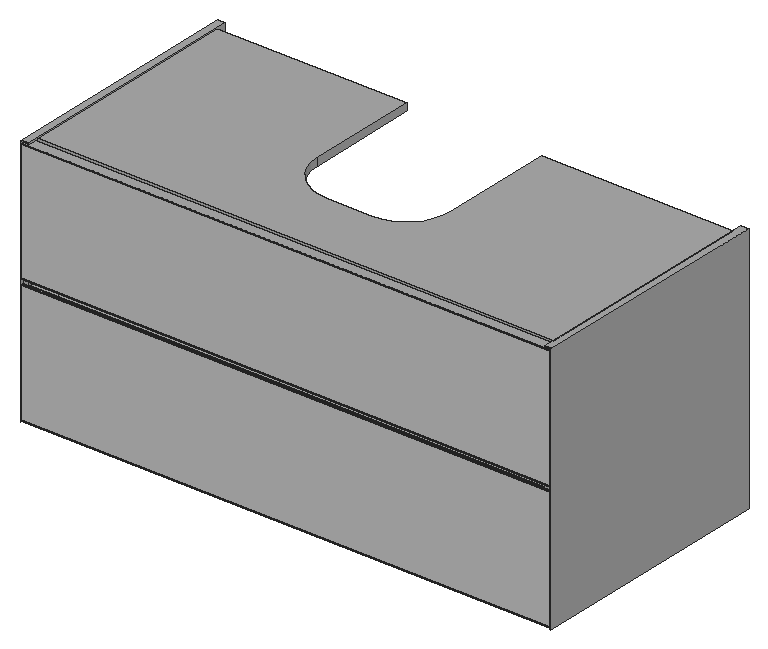
Revit family "vanity unit-hansgrohe-54195XXX-Xevolos E Vanity unit Slate Matt Grey 1180_550 with 2 drawers for consoles with countertop basin ground", category Furniture, Revit 2019
Family settings
  OmniClass Number = 23.40.00.00
  OmniClass Title = Equipment and Furnishings
  Work Plane-Based = No
  Always vertical = Yes
  Cut with Voids When Loaded = No
  Shared = Yes
  Room Calculation Point = No
Parameters (values of type "54195770-SLATE_MATT_GREY-METALLIC_SLATE_GREY-400")
  etim7_EC011381 = "EC011381"
  WEIGHT = "58.6"
  UNSPSC = "56 | Furniture and Furnishings"
  UNIFORMATII = "E2010 | Fixed Furnishings"
  UNICLASS_2015_CODE = "40_30_78_05"
  UNICLASS2015 = "Pr_40_30_78_05 | Bathroom furniture"
  SURFACE = "METALLIC_SLATE_GREY"
  REGION = "Worldwide"
  PRODUCTURL = "https://pro.hansgrohe.com/articledetail--54195770"
  PERMALINK = "54195XXX"
  OMNICLASS = "23-21 19 15 33 13 | Residential Bathroom Specialty Casework"
  OBJECTTYPE = "Object (single object)"
  OBERFLAECHE = "SLATE_MATT_GREY"
  NN = "Vanity unit with 2 drawers for consoles with countertop basin ground"
  NBSYN = "$ARTNR.-$OBERFLAECHE.-$SURFACE.-$LODLEVEL."
  NB = "54195770-SLATE_MATT_GREY-METALLIC_SLATE_GREY-400"
  NAME = "Xevolos E Vanity unit Slate Matt Grey 1180/550 with 2 drawers for consoles with countertop basin ground"
  Model = "54195770-SLATE_MATT_GREY-METALLIC_SLATE_GREY-400"
  Manufacturer = "Hansgrohe"
  MIdent = "{$CADENAS_DATA/23d-libs/hansgrohe/xevolos_furniture/e_vanity_unit_2_drawers_console_countertop_basin/vanity_unit_2drawers_consoles_countertop_basin.prj},307 {VTYP=3D},{NB=54195770-SLATE_MATT_GREY-METALLIC_SLATE_GREY-400},{LINA=54195770-SLATE_MATT_GREY-METALLIC_SLATE_GREY-400},{NN=Vanity unit with 2 drawers for consoles with countertop basin ground},{DATE=13.03.2023 11:45:48},{GEOMDATE=12.03.2023 06:32:00},{VERSION=},{LINEID=760},{WBVAR=LODLEVEL},{WBNUMERIC=}  {NB=54195770-SLATE_MATT_GREY-METALLIC_SLATE_GREY-400},{LINA=54195770-SLATE_MATT_GREY-METALLIC_SLATE_GREY-400},{KT=DUMMY},{IDNR=27},{ARTNR=54195770},{BASENUMBER=54195},{MODEL=54195XXX},{OBERFLAECHE=SLATE_MATT_GREY},{SURFACE=METALLIC_SLATE_GREY},{L=1180},{LODLEVEL=400},{LODLEVELX='400','400','200','200'},{NAME=Xevolos E Vanity unit Slate Matt Grey 1180/550 with 2 drawers for consoles with countertop basin ground},{PERMALINK=54195XXX},{OBJECTTYPE=Object (single object)},{BIMOBJECT=Sanitary: Compound units},{COLLECTIONSET=Xevolos E},{COLLECTION=vanity unit},{WEIGHT=58.6},{DESCRIPTION=Xevolos E Vanity unit Slate Matt Grey 1180/550 with 2 drawers for consoles with countertop basin ground},{PRODUCTURL=https://pro.hansgrohe.com/articledetail--54195770},{GTINCODE=0},{TENDERURL=0},{IFC=Furnishing element},{ETIM=EC011381 | Bathroom furniture set},{UNICLASS2015=Pr_40_30_78_05 | Bathroom furniture},{OMNICLASS=23-21 19 15 33 13 | Residential Bathroom Specialty Casework},{MASTERFORMAT=12 35 30.23 | Bathroom Casework},{UNSPSC=56 | Furniture and Furnishings},{UNIFORMATII=E2010 | Fixed Furnishings},{REGION=Worldwide},{DESIGN=Germany},{MANUFACTURER=Germany}"
  MASTERFORMAT = "12 35 30.23 | Bathroom Casework"
  LODLEVEL = "400"
  LINA = "54195770-SLATE_MATT_GREY-METALLIC_SLATE_GREY-400"
  L = 1180
  IFC = "Furnishing element"
  IDNR = 27
  ETIM = "EC011381 | Bathroom furniture set"
  DESIGN = "Germany"
  COLLECTIONSET = "Xevolos E"
  COLLECTION = "vanity unit"
  CATALOG = "Hansgrohe"
  BIMOBJECT = "Sanitary: Compound units"
  BASENUMBER = "54195"
  ARTNR = "54195770"
  54195770-SLATE_MATT_GREY-METALLIC_SLATE_GREY-400_RX0RY0RZ0TX0TY0TZ0_V = yes
  54195770-SLATE_MATT_GREY-METALLIC_SLATE_GREY-200_RX0RY0RZ0TX0TY0TZ0_V = no
  54195730-SLATE_MATT_GREY-DARK_OAK-400_RX0RY0RZ0TX0TY0TZ0_V = no
  54195730-SLATE_MATT_GREY-DARK_OAK-200_RX0RY0RZ0TX0TY0TZ0_V = no
  54195390-SLATE_MATT_GREY-PATTEREND_BRONZE-400_RX0RY0RZ0TX0TY0TZ0_V = no
  54195390-SLATE_MATT_GREY-PATTEREND_BRONZE-200_RX0RY0RZ0TX0TY0TZ0_V = no
Types (6, lengths in mm): name | SURFACE | NB | Model | MIdent | LODLEVEL | LINA | IDNR | ARTNR | 54195770-SLATE_MATT_GREY-METALLIC_SLATE_GREY-400_RX0RY0RZ0TX0TY0TZ0_V | 54195770-SLATE_MATT_GREY-METALLIC_SLATE_GREY-200_RX0RY0RZ0TX0TY0TZ0_V | 54195730-SLATE_MATT_GREY-DARK_OAK-400_RX0RY0RZ0TX0TY0TZ0_V | 54195730-SLATE_MATT_GREY-DARK_OAK-200_RX0RY0RZ0TX0TY0TZ0_V | 54195390-SLATE_MATT_GREY-PATTEREND_BRONZE-400_RX0RY0RZ0TX0TY0TZ0_V | 54195390-SLATE_MATT_GREY-PATTEREND_BRONZE-200_RX0RY0RZ0TX0TY0TZ0_V
  54195390-SLATE_MATT_GREY-PATTEREND_BRONZE-200 | "PATTEREND_BRONZE" | "54195390-SLATE_MATT_GREY-PATTEREND_BRONZE-200" | "54195390-SLATE_MATT_GREY-PATTEREND_BRONZE-200" | "{$CADENAS_DATA/23d-libs/hansgrohe/xevolos_furniture/e_vanity_unit_2_drawers_console_countertop_basin/vanity_unit_2drawers_consoles_countertop_basin.prj},301 {VTYP=3D},{NB=54195390-SLATE_MATT_GREY-PATTEREND_BRONZE-200},{LINA=54195390-SLATE_MATT_GREY-PATTEREND_BRONZE-200},{NN=Vanity unit with 2 drawers for consoles with countertop basin ground},{DATE=13.03.2023 11:45:48},{GEOMDATE=12.03.2023 06:32:00},{VERSION=},{LINEID=740},{WBVAR=LODLEVEL},{WBNUMERIC=}  {NB=54195390-SLATE_MATT_GREY-PATTEREND_BRONZE-200},{LINA=54195390-SLATE_MATT_GREY-PATTEREND_BRONZE-200},{KT=DUMMY},{IDNR=25},{ARTNR=54195390},{BASENUMBER=54195},{MODEL=54195XXX},{OBERFLAECHE=SLATE_MATT_GREY},{SURFACE=PATTEREND_BRONZE},{L=1180},{LODLEVEL=200},{LODLEVELX='400','400','200','200'},{NAME=Xevolos E Vanity unit Slate Matt Grey 1180/550 with 2 drawers for consoles with countertop basin ground},{PERMALINK=54195XXX},{OBJECTTYPE=Object (single object)},{BIMOBJECT=Sanitary: Compound units},{COLLECTIONSET=Xevolos E},{COLLECTION=vanity unit},{WEIGHT=58.6},{DESCRIPTION=Xevolos E Vanity unit Slate Matt Grey 1180/550 with 2 drawers for consoles with countertop basin ground},{PRODUCTURL=https://pro.hansgrohe.com/articledetail--54195770},{GTINCODE=0},{TENDERURL=0},{IFC=Furnishing element},{ETIM=EC011381 | Bathroom furniture set},{UNICLASS2015=Pr_40_30_78_05 | Bathroom furniture},{OMNICLASS=23-21 19 15 33 13 | Residential Bathroom Specialty Casework},{MASTERFORMAT=12 35 30.23 | Bathroom Casework},{UNSPSC=56 | Furniture and Furnishings},{UNIFORMATII=E2010 | Fixed Furnishings},{REGION=Worldwide},{DESIGN=Germany},{MANUFACTURER=Germany}" | "200" | "54195390-SLATE_MATT_GREY-PATTEREND_BRONZE-200" | 25 | "54195390" | no | no | no | no | no | yes
  54195390-SLATE_MATT_GREY-PATTEREND_BRONZE-400 | "PATTEREND_BRONZE" | "54195390-SLATE_MATT_GREY-PATTEREND_BRONZE-400" | "54195390-SLATE_MATT_GREY-PATTEREND_BRONZE-400" | "{$CADENAS_DATA/23d-libs/hansgrohe/xevolos_furniture/e_vanity_unit_2_drawers_console_countertop_basin/vanity_unit_2drawers_consoles_countertop_basin.prj},301 {VTYP=3D},{NB=54195390-SLATE_MATT_GREY-PATTEREND_BRONZE-400},{LINA=54195390-SLATE_MATT_GREY-PATTEREND_BRONZE-400},{NN=Vanity unit with 2 drawers for consoles with countertop basin ground},{DATE=13.03.2023 11:45:48},{GEOMDATE=12.03.2023 06:32:00},{VERSION=},{LINEID=740},{WBVAR=LODLEVEL},{WBNUMERIC=}  {NB=54195390-SLATE_MATT_GREY-PATTEREND_BRONZE-400},{LINA=54195390-SLATE_MATT_GREY-PATTEREND_BRONZE-400},{KT=DUMMY},{IDNR=25},{ARTNR=54195390},{BASENUMBER=54195},{MODEL=54195XXX},{OBERFLAECHE=SLATE_MATT_GREY},{SURFACE=PATTEREND_BRONZE},{L=1180},{LODLEVEL=400},{LODLEVELX='400','400','200','200'},{NAME=Xevolos E Vanity unit Slate Matt Grey 1180/550 with 2 drawers for consoles with countertop basin ground},{PERMALINK=54195XXX},{OBJECTTYPE=Object (single object)},{BIMOBJECT=Sanitary: Compound units},{COLLECTIONSET=Xevolos E},{COLLECTION=vanity unit},{WEIGHT=58.6},{DESCRIPTION=Xevolos E Vanity unit Slate Matt Grey 1180/550 with 2 drawers for consoles with countertop basin ground},{PRODUCTURL=https://pro.hansgrohe.com/articledetail--54195770},{GTINCODE=0},{TENDERURL=0},{IFC=Furnishing element},{ETIM=EC011381 | Bathroom furniture set},{UNICLASS2015=Pr_40_30_78_05 | Bathroom furniture},{OMNICLASS=23-21 19 15 33 13 | Residential Bathroom Specialty Casework},{MASTERFORMAT=12 35 30.23 | Bathroom Casework},{UNSPSC=56 | Furniture and Furnishings},{UNIFORMATII=E2010 | Fixed Furnishings},{REGION=Worldwide},{DESIGN=Germany},{MANUFACTURER=Germany}" | "400" | "54195390-SLATE_MATT_GREY-PATTEREND_BRONZE-400" | 25 | "54195390" | no | no | no | no | yes | no
  54195730-SLATE_MATT_GREY-DARK_OAK-200 | "DARK_OAK" | "54195730-SLATE_MATT_GREY-DARK_OAK-200" | "54195730-SLATE_MATT_GREY-DARK_OAK-200" | "{$CADENAS_DATA/23d-libs/hansgrohe/xevolos_furniture/e_vanity_unit_2_drawers_console_countertop_basin/vanity_unit_2drawers_consoles_countertop_basin.prj},285 {VTYP=3D},{NB=54195730-SLATE_MATT_GREY-DARK_OAK-200},{LINA=54195730-SLATE_MATT_GREY-DARK_OAK-200},{NN=Vanity unit with 2 drawers for consoles with countertop basin ground},{DATE=13.03.2023 11:45:48},{GEOMDATE=12.03.2023 06:32:00},{VERSION=},{LINEID=750},{WBVAR=LODLEVEL},{WBNUMERIC=}  {NB=54195730-SLATE_MATT_GREY-DARK_OAK-200},{LINA=54195730-SLATE_MATT_GREY-DARK_OAK-200},{KT=DUMMY},{IDNR=26},{ARTNR=54195730},{BASENUMBER=54195},{MODEL=54195XXX},{OBERFLAECHE=SLATE_MATT_GREY},{SURFACE=DARK_OAK},{L=1180},{LODLEVEL=200},{LODLEVELX='400','400','200','200'},{NAME=Xevolos E Vanity unit Slate Matt Grey 1180/550 with 2 drawers for consoles with countertop basin ground},{PERMALINK=54195XXX},{OBJECTTYPE=Object (single object)},{BIMOBJECT=Sanitary: Compound units},{COLLECTIONSET=Xevolos E},{COLLECTION=vanity unit},{WEIGHT=58.6},{DESCRIPTION=Xevolos E Vanity unit Slate Matt Grey 1180/550 with 2 drawers for consoles with countertop basin ground},{PRODUCTURL=https://pro.hansgrohe.com/articledetail--54195770},{GTINCODE=0},{TENDERURL=0},{IFC=Furnishing element},{ETIM=EC011381 | Bathroom furniture set},{UNICLASS2015=Pr_40_30_78_05 | Bathroom furniture},{OMNICLASS=23-21 19 15 33 13 | Residential Bathroom Specialty Casework},{MASTERFORMAT=12 35 30.23 | Bathroom Casework},{UNSPSC=56 | Furniture and Furnishings},{UNIFORMATII=E2010 | Fixed Furnishings},{REGION=Worldwide},{DESIGN=Germany},{MANUFACTURER=Germany}" | "200" | "54195730-SLATE_MATT_GREY-DARK_OAK-200" | 26 | "54195730" | no | no | no | yes | no | no
  54195730-SLATE_MATT_GREY-DARK_OAK-400 | "DARK_OAK" | "54195730-SLATE_MATT_GREY-DARK_OAK-400" | "54195730-SLATE_MATT_GREY-DARK_OAK-400" | "{$CADENAS_DATA/23d-libs/hansgrohe/xevolos_furniture/e_vanity_unit_2_drawers_console_countertop_basin/vanity_unit_2drawers_consoles_countertop_basin.prj},285 {VTYP=3D},{NB=54195730-SLATE_MATT_GREY-DARK_OAK-400},{LINA=54195730-SLATE_MATT_GREY-DARK_OAK-400},{NN=Vanity unit with 2 drawers for consoles with countertop basin ground},{DATE=13.03.2023 11:45:48},{GEOMDATE=12.03.2023 06:32:00},{VERSION=},{LINEID=750},{WBVAR=LODLEVEL},{WBNUMERIC=}  {NB=54195730-SLATE_MATT_GREY-DARK_OAK-400},{LINA=54195730-SLATE_MATT_GREY-DARK_OAK-400},{KT=DUMMY},{IDNR=26},{ARTNR=54195730},{BASENUMBER=54195},{MODEL=54195XXX},{OBERFLAECHE=SLATE_MATT_GREY},{SURFACE=DARK_OAK},{L=1180},{LODLEVEL=400},{LODLEVELX='400','400','200','200'},{NAME=Xevolos E Vanity unit Slate Matt Grey 1180/550 with 2 drawers for consoles with countertop basin ground},{PERMALINK=54195XXX},{OBJECTTYPE=Object (single object)},{BIMOBJECT=Sanitary: Compound units},{COLLECTIONSET=Xevolos E},{COLLECTION=vanity unit},{WEIGHT=58.6},{DESCRIPTION=Xevolos E Vanity unit Slate Matt Grey 1180/550 with 2 drawers for consoles with countertop basin ground},{PRODUCTURL=https://pro.hansgrohe.com/articledetail--54195770},{GTINCODE=0},{TENDERURL=0},{IFC=Furnishing element},{ETIM=EC011381 | Bathroom furniture set},{UNICLASS2015=Pr_40_30_78_05 | Bathroom furniture},{OMNICLASS=23-21 19 15 33 13 | Residential Bathroom Specialty Casework},{MASTERFORMAT=12 35 30.23 | Bathroom Casework},{UNSPSC=56 | Furniture and Furnishings},{UNIFORMATII=E2010 | Fixed Furnishings},{REGION=Worldwide},{DESIGN=Germany},{MANUFACTURER=Germany}" | "400" | "54195730-SLATE_MATT_GREY-DARK_OAK-400" | 26 | "54195730" | no | no | yes | no | no | no
  54195770-SLATE_MATT_GREY-METALLIC_SLATE_GREY-200 | "METALLIC_SLATE_GREY" | "54195770-SLATE_MATT_GREY-METALLIC_SLATE_GREY-200" | "54195770-SLATE_MATT_GREY-METALLIC_SLATE_GREY-200" | "{$CADENAS_DATA/23d-libs/hansgrohe/xevolos_furniture/e_vanity_unit_2_drawers_console_countertop_basin/vanity_unit_2drawers_consoles_countertop_basin.prj},307 {VTYP=3D},{NB=54195770-SLATE_MATT_GREY-METALLIC_SLATE_GREY-200},{LINA=54195770-SLATE_MATT_GREY-METALLIC_SLATE_GREY-200},{NN=Vanity unit with 2 drawers for consoles with countertop basin ground},{DATE=13.03.2023 11:45:48},{GEOMDATE=12.03.2023 06:32:00},{VERSION=},{LINEID=760},{WBVAR=LODLEVEL},{WBNUMERIC=}  {NB=54195770-SLATE_MATT_GREY-METALLIC_SLATE_GREY-200},{LINA=54195770-SLATE_MATT_GREY-METALLIC_SLATE_GREY-200},{KT=DUMMY},{IDNR=27},{ARTNR=54195770},{BASENUMBER=54195},{MODEL=54195XXX},{OBERFLAECHE=SLATE_MATT_GREY},{SURFACE=METALLIC_SLATE_GREY},{L=1180},{LODLEVEL=200},{LODLEVELX='400','400','200','200'},{NAME=Xevolos E Vanity unit Slate Matt Grey 1180/550 with 2 drawers for consoles with countertop basin ground},{PERMALINK=54195XXX},{OBJECTTYPE=Object (single object)},{BIMOBJECT=Sanitary: Compound units},{COLLECTIONSET=Xevolos E},{COLLECTION=vanity unit},{WEIGHT=58.6},{DESCRIPTION=Xevolos E Vanity unit Slate Matt Grey 1180/550 with 2 drawers for consoles with countertop basin ground},{PRODUCTURL=https://pro.hansgrohe.com/articledetail--54195770},{GTINCODE=0},{TENDERURL=0},{IFC=Furnishing element},{ETIM=EC011381 | Bathroom furniture set},{UNICLASS2015=Pr_40_30_78_05 | Bathroom furniture},{OMNICLASS=23-21 19 15 33 13 | Residential Bathroom Specialty Casework},{MASTERFORMAT=12 35 30.23 | Bathroom Casework},{UNSPSC=56 | Furniture and Furnishings},{UNIFORMATII=E2010 | Fixed Furnishings},{REGION=Worldwide},{DESIGN=Germany},{MANUFACTURER=Germany}" | "200" | "54195770-SLATE_MATT_GREY-METALLIC_SLATE_GREY-200" | 27 | "54195770" | no | yes | no | no | no | no
  54195770-SLATE_MATT_GREY-METALLIC_SLATE_GREY-400 | "METALLIC_SLATE_GREY" | "54195770-SLATE_MATT_GREY-METALLIC_SLATE_GREY-400" | "54195770-SLATE_MATT_GREY-METALLIC_SLATE_GREY-400" | "{$CADENAS_DATA/23d-libs/hansgrohe/xevolos_furniture/e_vanity_unit_2_drawers_console_countertop_basin/vanity_unit_2drawers_consoles_countertop_basin.prj},307 {VTYP=3D},{NB=54195770-SLATE_MATT_GREY-METALLIC_SLATE_GREY-400},{LINA=54195770-SLATE_MATT_GREY-METALLIC_SLATE_GREY-400},{NN=Vanity unit with 2 drawers for consoles with countertop basin ground},{DATE=13.03.2023 11:45:48},{GEOMDATE=12.03.2023 06:32:00},{VERSION=},{LINEID=760},{WBVAR=LODLEVEL},{WBNUMERIC=}  {NB=54195770-SLATE_MATT_GREY-METALLIC_SLATE_GREY-400},{LINA=54195770-SLATE_MATT_GREY-METALLIC_SLATE_GREY-400},{KT=DUMMY},{IDNR=27},{ARTNR=54195770},{BASENUMBER=54195},{MODEL=54195XXX},{OBERFLAECHE=SLATE_MATT_GREY},{SURFACE=METALLIC_SLATE_GREY},{L=1180},{LODLEVEL=400},{LODLEVELX='400','400','200','200'},{NAME=Xevolos E Vanity unit Slate Matt Grey 1180/550 with 2 drawers for consoles with countertop basin ground},{PERMALINK=54195XXX},{OBJECTTYPE=Object (single object)},{BIMOBJECT=Sanitary: Compound units},{COLLECTIONSET=Xevolos E},{COLLECTION=vanity unit},{WEIGHT=58.6},{DESCRIPTION=Xevolos E Vanity unit Slate Matt Grey 1180/550 with 2 drawers for consoles with countertop basin ground},{PRODUCTURL=https://pro.hansgrohe.com/articledetail--54195770},{GTINCODE=0},{TENDERURL=0},{IFC=Furnishing element},{ETIM=EC011381 | Bathroom furniture set},{UNICLASS2015=Pr_40_30_78_05 | Bathroom furniture},{OMNICLASS=23-21 19 15 33 13 | Residential Bathroom Specialty Casework},{MASTERFORMAT=12 35 30.23 | Bathroom Casework},{UNSPSC=56 | Furniture and Furnishings},{UNIFORMATII=E2010 | Fixed Furnishings},{REGION=Worldwide},{DESIGN=Germany},{MANUFACTURER=Germany}" | "400" | "54195770-SLATE_MATT_GREY-METALLIC_SLATE_GREY-400" | 27 | "54195770" | yes | no | no | no | no | no
Reference planes
  plane 1 "Center (Front/Back)": y = 0
  plane 2: z = 0
  plane 3 "Center (Left/Right)": x = 0
Dimensions and locks
  aligned and locked: level to plane 2
Nested families
  nested 1: "54195390-slate_matt_grey-patterend_bronze-200_content" at (0, 0, 0), visible <- "54195390-SLATE_MATT_GREY-PATTEREND_BRONZE-200_RX0RY0RZ0TX0TY0TZ0_V", ContentVisible <- "54195390-SLATE_MATT_GREY-PATTEREND_BRONZE-200_RX0RY0RZ0TX0TY0TZ0_V", type "54195390-SLATE_MATT_GREY-PATTEREND_BRONZE-200_Content"
    with ContentVisible no
  nested 2: "54195390-slate_matt_grey-patterend_bronze-400_content" at (0, 0, 0), visible <- "54195390-SLATE_MATT_GREY-PATTEREND_BRONZE-400_RX0RY0RZ0TX0TY0TZ0_V", ContentVisible <- "54195390-SLATE_MATT_GREY-PATTEREND_BRONZE-400_RX0RY0RZ0TX0TY0TZ0_V", type "54195390-SLATE_MATT_GREY-PATTEREND_BRONZE-400_Content"
    with ContentVisible no
  nested 3: "54195730-slate_matt_grey-dark_oak-200_content" at (0, 0, 0), visible <- "54195730-SLATE_MATT_GREY-DARK_OAK-200_RX0RY0RZ0TX0TY0TZ0_V", ContentVisible <- "54195730-SLATE_MATT_GREY-DARK_OAK-200_RX0RY0RZ0TX0TY0TZ0_V", type "54195730-SLATE_MATT_GREY-DARK_OAK-200_Content"
    with ContentVisible no
  nested 4: "54195730-slate_matt_grey-dark_oak-400_content" at (0, 0, 0), visible <- "54195730-SLATE_MATT_GREY-DARK_OAK-400_RX0RY0RZ0TX0TY0TZ0_V", ContentVisible <- "54195730-SLATE_MATT_GREY-DARK_OAK-400_RX0RY0RZ0TX0TY0TZ0_V", type "54195730-SLATE_MATT_GREY-DARK_OAK-400_Content"
    with ContentVisible no
  nested 5: "54195770-slate_matt_grey-metallic_slate_grey-200_content" at (0, 0, 0), visible <- "54195770-SLATE_MATT_GREY-METALLIC_SLATE_GREY-200_RX0RY0RZ0TX0TY0TZ0_V", ContentVisible <- "54195770-SLATE_MATT_GREY-METALLIC_SLATE_GREY-200_RX0RY0RZ0TX0TY0TZ0_V", type "54195770-SLATE_MATT_GREY-METALLIC_SLATE_GREY-200_Content"
    with ContentVisible no
  nested 6: "54195770-slate_matt_grey-metallic_slate_grey-400_content" at (0, 0, 0), visible <- "54195770-SLATE_MATT_GREY-METALLIC_SLATE_GREY-400_RX0RY0RZ0TX0TY0TZ0_V", ContentVisible <- "54195770-SLATE_MATT_GREY-METALLIC_SLATE_GREY-400_RX0RY0RZ0TX0TY0TZ0_V", type "54195770-SLATE_MATT_GREY-METALLIC_SLATE_GREY-400_Content"
    with ContentVisible yes
Definition of nested family "54195770-slate_matt_grey-metallic_slate_grey-400_content"
  Parameters (values of type "54195770-SLATE_MATT_GREY-METALLIC_SLATE_GREY-400_Content")
    etim7_EC011381 = "EC011381"
    WEIGHT = "58.6"
    UNSPSC = "56 | Furniture and Furnishings"
    UNIFORMATII = "E2010 | Fixed Furnishings"
    UNICLASS_2015_CODE = "40_30_78_05"
    UNICLASS2015 = "Pr_40_30_78_05 | Bathroom furniture"
    SURFACE = "METALLIC_SLATE_GREY"
    REGION = "Worldwide"
    PRODUCTURL = "https://pro.hansgrohe.com/articledetail--54195770"
    PERMALINK = "54195XXX"
    OMNICLASS = "23-21 19 15 33 13 | Residential Bathroom Specialty Casework"
    OBJECTTYPE = "Object (single object)"
    OBERFLAECHE = "SLATE_MATT_GREY"
    NN = "Vanity unit with 2 drawers for consoles with countertop basin ground"
    NBSYN = "$ARTNR.-$OBERFLAECHE.-$SURFACE.-$LODLEVEL."
    NB = "54195770-SLATE_MATT_GREY-METALLIC_SLATE_GREY-400"
    NAME = "Xevolos E Vanity unit Slate Matt Grey 1180/550 with 2 drawers for consoles with countertop basin ground"
    Model = "54195770-SLATE_MATT_GREY-METALLIC_SLATE_GREY-400"
    Manufacturer = "Hansgrohe"
    MASTERFORMAT = "12 35 30.23 | Bathroom Casework"
    LODLEVEL = "400"
    LINA = "54195770-SLATE_MATT_GREY-METALLIC_SLATE_GREY-400"
    L = 1180
    IFC = "Furnishing element"
    IDNR = 27
    ETIM = "EC011381 | Bathroom furniture set"
    Default Elevation = 1219.2 mm
    DESIGN = "Germany"
    ContentVisible [instance] = yes
    COLLECTIONSET = "Xevolos E"
    COLLECTION = "vanity unit"
    CATALOG = "Hansgrohe"
    BIMOBJECT = "Sanitary: Compound units"
    BASENUMBER = "54195"
    ARTNR = "54195770"
  Reference planes
    plane 1 "Center (Front/Back)": y = 0
    plane 2: z = 0
    plane 3 "Center (Left/Right)": x = 0
  Forms (mm)
    Extrusion 1, solid, visible <- "ContentVisible", detail levels medium+fine
      sketch origin (0, 0, 0) x (1, 0, 0) y (0, 1, 0)
        loop
          line (-590, 0) -> (-590, -548.3) -> (-588, -548.3) -> (-588, -544.3) -> (-574, -544.3) -> (-574, 0) -> (-590, 0)
      from 0 to 558
    Extrusion 2, solid, visible <- "ContentVisible", detail levels medium+fine
      sketch origin (0, 0, 0) x (1, 0, 0) y (0, 1, 0)
        loop
          line (-574, -131.5) -> (-574, -498) -> (574, -498) -> (574, -131.5) -> (-574, -131.5)
      from 0 to 16
    Extrusion 3, solid, visible <- "ContentVisible", detail levels medium+fine
      sketch origin (0, 0, 0) x (1, 0, 0) y (0, 1, 0)
        loop
          line (574, 0) -> (574, -544.3) -> (588, -544.3) -> (588, -548.3) -> (590, -548.3) -> (590, 0) -> (574, 0)
      from 0 to 558
    Extrusion 4, solid, visible <- "ContentVisible", detail levels medium+fine
      sketch origin (0, 0, 0.5) x (1, 0, 0) y (0, 1, 0)
        loop
          line (-574, -115.5) -> (-574, -131.5) -> (574, -131.5) -> (574, -115.5) -> (-574, -115.5)
      from 0 to 126
    Extrusion 5, solid, visible <- "ContentVisible", detail levels medium+fine
      sketch origin (0, 0, 2) x (1, 0, 0) y (0, 1, 0)
        loop
          line (-588, -527) -> (-588, -548.3) -> (588, -548.3) -> (588, -527) -> (-588, -527)
      from 0 to 2
    Extrusion 6, solid, visible <- "ContentVisible", detail levels medium+fine
      sketch origin (0, 0, 556) x (1, 0, 0) y (0, 1, 0)
        loop
          line (-588, -527) -> (-588, -548.3) -> (588, -548.3) -> (588, -527) -> (-588, -527)
      from -2 to 0
    Extrusion 7, solid, visible <- "ContentVisible", detail levels medium+fine
      sketch origin (0, -544.3, 0) x (1, 0, 0) y (0, 0, -1)
        loop
          line (-588, -272.5) -> (588, -272.5) -> (588, -4) -> (-588, -4) -> (-588, -272.5)
      from -4 to 0
    Extrusion 8, solid, visible <- "ContentVisible", detail levels medium+fine
      sketch origin (0, -544.3, 0) x (1, 0, 0) y (0, 0, -1)
        loop
          line (-588, -554) -> (588, -554) -> (588, -285.5) -> (-588, -285.5) -> (-588, -554)
      from -4 to 0
    Extrusion 9, solid, visible <- "ContentVisible", detail levels medium+fine
      sketch origin (0, 0, 272.5) x (1, 0, 0) y (0, 1, 0)
        loop
          line (-588, -527) -> (-588, -548.3) -> (588, -548.3) -> (588, -527) -> (-588, -527)
      from 0 to 2
    Extrusion 10, solid, visible <- "ContentVisible", detail levels medium+fine
      sketch origin (0, 0, 285.5) x (1, 0, 0) y (0, 1, 0)
        loop
          line (-588, -527) -> (-588, -548.3) -> (588, -548.3) -> (588, -527) -> (-588, -527)
      from -2 to 0
    Extrusion 11, solid, visible <- "ContentVisible", detail levels medium+fine
      sketch origin (0, -544.3, 0) x (1, 0, 0) y (0, 0, -1)
        loop
          line (-588, -274.5) -> (588, -274.5) -> (588, -4.5) -> (-588, -4.5) -> (-588, -274.5)
        loop
          line (-514, -78) -> (-514, -272.5) -> (514, -272.5) -> (514, -78) -> (-514, -78)
      from 0 to 17
    Extrusion 12, solid, visible <- "ContentVisible", detail levels medium+fine
      sketch origin (0, -544.3, 0) x (1, 0, 0) y (0, 0, -1)
        loop
          line (-588, -553.5) -> (-512, -553.5) -> (-512, -361.5) -> (512, -361.5) -> (512, -553.5) -> (588, -553.5) -> (588, -285.5) -> (-588, -285.5) -> (-588, -553.5)
      from 0 to 17
    Extrusion 13, solid, visible <- "ContentVisible", detail levels medium+fine
      sketch origin (0, 0, 0) x (0, 0, -1) y (0, 1, 0)
        loop
          line (-285, -395.5) -> (-285, -520) -> (-269, -520) -> (-269, -395.5) -> (-285, -395.5)
      from -574 to 574
    Extrusion 14, solid, visible <- "ContentVisible", detail levels medium+fine
      sketch origin (0, 0, 557.5) x (1, 0, 0) y (0, 1, 0)
        loop
          line (-574, -521.5) -> (574, -521.5) -> (574, -23) -> (150, -23) -> (150, -273)
          arc (150, -273) -> (120.711, -343.711) -> (50, -373) r 100
          line (50, -373) -> (-50, -373)
          arc (-50, -373) -> (-120.711, -343.711) -> (-150, -273) r 100
          line (-150, -273) -> (-150, -23) -> (-574, -23) -> (-574, -521.5)
      from -16 to 0
    Extrusion 15, solid, visible <- "ContentVisible", detail levels coarse
      sketch origin (0, -274.15, 0) x (1, 0, 0) y (0, 1, 0)
        loop
          line (-590, -274.15) -> (590, -274.15) -> (590, 274.15) -> (-590, 274.15) -> (-590, -274.15)
      from 0 to 558
  Dimensions and locks
    aligned and locked: level to plane 2
Definition of nested family "54195390-slate_matt_grey-patterend_bronze-200_content"
  Parameters (values of type "54195390-SLATE_MATT_GREY-PATTEREND_BRONZE-200_Content")
    etim7_EC011381 = "EC011381"
    WEIGHT = "58.6"
    UNSPSC = "56 | Furniture and Furnishings"
    UNIFORMATII = "E2010 | Fixed Furnishings"
    UNICLASS_2015_CODE = "40_30_78_05"
    UNICLASS2015 = "Pr_40_30_78_05 | Bathroom furniture"
    SURFACE = "PATTEREND_BRONZE"
    REGION = "Worldwide"
    PRODUCTURL = "https://pro.hansgrohe.com/articledetail--54195770"
    PERMALINK = "54195XXX"
    OMNICLASS = "23-21 19 15 33 13 | Residential Bathroom Specialty Casework"
    OBJECTTYPE = "Object (single object)"
    OBERFLAECHE = "SLATE_MATT_GREY"
    NN = "Vanity unit with 2 drawers for consoles with countertop basin ground"
    NBSYN = "$ARTNR.-$OBERFLAECHE.-$SURFACE.-$LODLEVEL."
    NB = "54195390-SLATE_MATT_GREY-PATTEREND_BRONZE-200"
    NAME = "Xevolos E Vanity unit Slate Matt Grey 1180/550 with 2 drawers for consoles with countertop basin ground"
    Model = "54195390-SLATE_MATT_GREY-PATTEREND_BRONZE-200"
    Manufacturer = "Hansgrohe"
    MASTERFORMAT = "12 35 30.23 | Bathroom Casework"
    LODLEVEL = "200"
    LINA = "54195390-SLATE_MATT_GREY-PATTEREND_BRONZE-200"
    L = 1180
    IFC = "Furnishing element"
    IDNR = 25
    ETIM = "EC011381 | Bathroom furniture set"
    Default Elevation = 1219.2 mm
    DESIGN = "Germany"
    ContentVisible [instance] = yes
    COLLECTIONSET = "Xevolos E"
    COLLECTION = "vanity unit"
    CATALOG = "Hansgrohe"
    BIMOBJECT = "Sanitary: Compound units"
    BASENUMBER = "54195"
    ARTNR = "54195390"
  Reference planes
    plane 1 "Center (Front/Back)": y = 0
    plane 2: z = 0
    plane 3 "Center (Left/Right)": x = 0
  Forms (mm)
    Extrusion 1, solid, visible <- "ContentVisible", detail levels medium+fine
      sketch origin (0, 0, 0) x (1, 0, 0) y (0, 1, 0)
        loop
          line (-590, 0) -> (-590, -544.3) -> (590, -544.3) -> (590, 0) -> (-590, 0)
      from 0 to 558
    Extrusion 2, solid, visible <- "ContentVisible", detail levels medium+fine
      sketch origin (0, -544.3, 0) x (1, 0, 0) y (0, 0, -1)
        loop
          line (-590, -278) -> (-588, -278) -> (-588, -4) -> (588, -4) -> (588, -278) -> (590, -278) -> (590, -2) -> (-590, -2) -> (-590, -278)
      from -4 to 0
    Extrusion 3, solid, visible <- "ContentVisible", detail levels medium+fine
      sketch origin (0, -544.3, 0) x (1, 0, 0) y (0, 0, -1)
        loop
          line (-590, -278) -> (-590, -554) -> (590, -554) -> (590, -278) -> (588, -278) -> (588, -552) -> (-588, -552) -> (-588, -278) -> (-590, -278)
      from -4 to 0
    Extrusion 4, solid, visible <- "ContentVisible", detail levels medium+fine
      sketch origin (0, -544.3, 0) x (1, 0, 0) y (0, 0, -1)
        loop
          line (-588, -272.5) -> (588, -272.5) -> (588, -4) -> (-588, -4) -> (-588, -272.5)
      from -4 to 0
    Extrusion 5, solid, visible <- "ContentVisible", detail levels medium+fine
      sketch origin (0, -544.3, 0) x (1, 0, 0) y (0, 0, -1)
        loop
          line (-588, -554) -> (588, -554) -> (588, -285.5) -> (-588, -285.5) -> (-588, -554)
      from -4 to 0
    Extrusion 6, solid, visible <- "ContentVisible", detail levels medium+fine
      sketch origin (0, 0, 272.5) x (1, 0, 0) y (0, 1, 0)
        loop
          line (-588, -527) -> (-588, -548.3) -> (588, -548.3) -> (588, -527) -> (-588, -527)
      from 0 to 2
    Extrusion 7, solid, visible <- "ContentVisible", detail levels medium+fine
      sketch origin (0, 0, 285.5) x (1, 0, 0) y (0, 1, 0)
        loop
          line (-588, -527) -> (-588, -548.3) -> (588, -548.3) -> (588, -527) -> (-588, -527)
      from -2 to 0
    Extrusion 8, solid, visible <- "ContentVisible", detail levels coarse
      sketch origin (0, -274.15, 0) x (1, 0, 0) y (0, 1, 0)
        loop
          line (-590, -274.15) -> (590, -274.15) -> (590, 274.15) -> (-590, 274.15) -> (-590, -274.15)
      from 0 to 558
  Dimensions and locks
    aligned and locked: level to plane 2
Definition of nested family "54195390-slate_matt_grey-patterend_bronze-400_content"
  Parameters (values of type "54195390-SLATE_MATT_GREY-PATTEREND_BRONZE-400_Content")
    etim7_EC011381 = "EC011381"
    WEIGHT = "58.6"
    UNSPSC = "56 | Furniture and Furnishings"
    UNIFORMATII = "E2010 | Fixed Furnishings"
    UNICLASS_2015_CODE = "40_30_78_05"
    UNICLASS2015 = "Pr_40_30_78_05 | Bathroom furniture"
    SURFACE = "PATTEREND_BRONZE"
    REGION = "Worldwide"
    PRODUCTURL = "https://pro.hansgrohe.com/articledetail--54195770"
    PERMALINK = "54195XXX"
    OMNICLASS = "23-21 19 15 33 13 | Residential Bathroom Specialty Casework"
    OBJECTTYPE = "Object (single object)"
    OBERFLAECHE = "SLATE_MATT_GREY"
    NN = "Vanity unit with 2 drawers for consoles with countertop basin ground"
    NBSYN = "$ARTNR.-$OBERFLAECHE.-$SURFACE.-$LODLEVEL."
    NB = "54195390-SLATE_MATT_GREY-PATTEREND_BRONZE-400"
    NAME = "Xevolos E Vanity unit Slate Matt Grey 1180/550 with 2 drawers for consoles with countertop basin ground"
    Model = "54195390-SLATE_MATT_GREY-PATTEREND_BRONZE-400"
    Manufacturer = "Hansgrohe"
    MASTERFORMAT = "12 35 30.23 | Bathroom Casework"
    LODLEVEL = "400"
    LINA = "54195390-SLATE_MATT_GREY-PATTEREND_BRONZE-400"
    L = 1180
    IFC = "Furnishing element"
    IDNR = 25
    ETIM = "EC011381 | Bathroom furniture set"
    Default Elevation = 1219.2 mm
    DESIGN = "Germany"
    ContentVisible [instance] = yes
    COLLECTIONSET = "Xevolos E"
    COLLECTION = "vanity unit"
    CATALOG = "Hansgrohe"
    BIMOBJECT = "Sanitary: Compound units"
    BASENUMBER = "54195"
    ARTNR = "54195390"
  Reference planes
    plane 1 "Center (Front/Back)": y = 0
    plane 2: z = 0
    plane 3 "Center (Left/Right)": x = 0
  Forms (mm)
    Extrusion 1, solid, visible <- "ContentVisible", detail levels medium+fine
      sketch origin (0, 0, 0) x (1, 0, 0) y (0, 1, 0)
        loop
          line (-590, 0) -> (-590, -548.3) -> (-588, -548.3) -> (-588, -544.3) -> (-574, -544.3) -> (-574, 0) -> (-590, 0)
      from 0 to 558
    Extrusion 2, solid, visible <- "ContentVisible", detail levels medium+fine
      sketch origin (0, 0, 0) x (1, 0, 0) y (0, 1, 0)
        loop
          line (-574, -131.5) -> (-574, -498) -> (574, -498) -> (574, -131.5) -> (-574, -131.5)
      from 0 to 16
    Extrusion 3, solid, visible <- "ContentVisible", detail levels medium+fine
      sketch origin (0, 0, 0) x (1, 0, 0) y (0, 1, 0)
        loop
          line (574, 0) -> (574, -544.3) -> (588, -544.3) -> (588, -548.3) -> (590, -548.3) -> (590, 0) -> (574, 0)
      from 0 to 558
    Extrusion 4, solid, visible <- "ContentVisible", detail levels medium+fine
      sketch origin (0, 0, 0.5) x (1, 0, 0) y (0, 1, 0)
        loop
          line (-574, -115.5) -> (-574, -131.5) -> (574, -131.5) -> (574, -115.5) -> (-574, -115.5)
      from 0 to 126
    Extrusion 5, solid, visible <- "ContentVisible", detail levels medium+fine
      sketch origin (0, 0, 2) x (1, 0, 0) y (0, 1, 0)
        loop
          line (-588, -527) -> (-588, -548.3) -> (588, -548.3) -> (588, -527) -> (-588, -527)
      from 0 to 2
    Extrusion 6, solid, visible <- "ContentVisible", detail levels medium+fine
      sketch origin (0, 0, 556) x (1, 0, 0) y (0, 1, 0)
        loop
          line (-588, -527) -> (-588, -548.3) -> (588, -548.3) -> (588, -527) -> (-588, -527)
      from -2 to 0
    Extrusion 7, solid, visible <- "ContentVisible", detail levels medium+fine
      sketch origin (0, -544.3, 0) x (1, 0, 0) y (0, 0, -1)
        loop
          line (-588, -272.5) -> (588, -272.5) -> (588, -4) -> (-588, -4) -> (-588, -272.5)
      from -4 to 0
    Extrusion 8, solid, visible <- "ContentVisible", detail levels medium+fine
      sketch origin (0, -544.3, 0) x (1, 0, 0) y (0, 0, -1)
        loop
          line (-588, -554) -> (588, -554) -> (588, -285.5) -> (-588, -285.5) -> (-588, -554)
      from -4 to 0
    Extrusion 9, solid, visible <- "ContentVisible", detail levels medium+fine
      sketch origin (0, 0, 272.5) x (1, 0, 0) y (0, 1, 0)
        loop
          line (-588, -527) -> (-588, -548.3) -> (588, -548.3) -> (588, -527) -> (-588, -527)
      from 0 to 2
    Extrusion 10, solid, visible <- "ContentVisible", detail levels medium+fine
      sketch origin (0, 0, 285.5) x (1, 0, 0) y (0, 1, 0)
        loop
          line (-588, -527) -> (-588, -548.3) -> (588, -548.3) -> (588, -527) -> (-588, -527)
      from -2 to 0
    Extrusion 11, solid, visible <- "ContentVisible", detail levels medium+fine
      sketch origin (0, -544.3, 0) x (1, 0, 0) y (0, 0, -1)
        loop
          line (-588, -274.5) -> (588, -274.5) -> (588, -4.5) -> (-588, -4.5) -> (-588, -274.5)
        loop
          line (-514, -78) -> (-514, -272.5) -> (514, -272.5) -> (514, -78) -> (-514, -78)
      from 0 to 17
    Extrusion 12, solid, visible <- "ContentVisible", detail levels medium+fine
      sketch origin (0, -544.3, 0) x (1, 0, 0) y (0, 0, -1)
        loop
          line (-588, -553.5) -> (-512, -553.5) -> (-512, -361.5) -> (512, -361.5) -> (512, -553.5) -> (588, -553.5) -> (588, -285.5) -> (-588, -285.5) -> (-588, -553.5)
      from 0 to 17
    Extrusion 13, solid, visible <- "ContentVisible", detail levels medium+fine
      sketch origin (0, 0, 0) x (0, 0, -1) y (0, 1, 0)
        loop
          line (-285, -395.5) -> (-285, -520) -> (-269, -520) -> (-269, -395.5) -> (-285, -395.5)
      from -574 to 574
    Extrusion 14, solid, visible <- "ContentVisible", detail levels medium+fine
      sketch origin (0, 0, 557.5) x (1, 0, 0) y (0, 1, 0)
        loop
          line (-574, -521.5) -> (574, -521.5) -> (574, -23) -> (150, -23) -> (150, -273)
          arc (150, -273) -> (120.711, -343.711) -> (50, -373) r 100
          line (50, -373) -> (-50, -373)
          arc (-50, -373) -> (-120.711, -343.711) -> (-150, -273) r 100
          line (-150, -273) -> (-150, -23) -> (-574, -23) -> (-574, -521.5)
      from -16 to 0
    Extrusion 15, solid, visible <- "ContentVisible", detail levels coarse
      sketch origin (0, -274.15, 0) x (1, 0, 0) y (0, 1, 0)
        loop
          line (-590, -274.15) -> (590, -274.15) -> (590, 274.15) -> (-590, 274.15) -> (-590, -274.15)
      from 0 to 558
  Dimensions and locks
    aligned and locked: level to plane 2
Definition of nested family "54195730-slate_matt_grey-dark_oak-200_content"
  Parameters (values of type "54195730-SLATE_MATT_GREY-DARK_OAK-200_Content")
    etim7_EC011381 = "EC011381"
    WEIGHT = "58.6"
    UNSPSC = "56 | Furniture and Furnishings"
    UNIFORMATII = "E2010 | Fixed Furnishings"
    UNICLASS_2015_CODE = "40_30_78_05"
    UNICLASS2015 = "Pr_40_30_78_05 | Bathroom furniture"
    SURFACE = "DARK_OAK"
    REGION = "Worldwide"
    PRODUCTURL = "https://pro.hansgrohe.com/articledetail--54195770"
    PERMALINK = "54195XXX"
    OMNICLASS = "23-21 19 15 33 13 | Residential Bathroom Specialty Casework"
    OBJECTTYPE = "Object (single object)"
    OBERFLAECHE = "SLATE_MATT_GREY"
    NN = "Vanity unit with 2 drawers for consoles with countertop basin ground"
    NBSYN = "$ARTNR.-$OBERFLAECHE.-$SURFACE.-$LODLEVEL."
    NB = "54195730-SLATE_MATT_GREY-DARK_OAK-200"
    NAME = "Xevolos E Vanity unit Slate Matt Grey 1180/550 with 2 drawers for consoles with countertop basin ground"
    Model = "54195730-SLATE_MATT_GREY-DARK_OAK-200"
    Manufacturer = "Hansgrohe"
    MASTERFORMAT = "12 35 30.23 | Bathroom Casework"
    LODLEVEL = "200"
    LINA = "54195730-SLATE_MATT_GREY-DARK_OAK-200"
    L = 1180
    IFC = "Furnishing element"
    IDNR = 26
    ETIM = "EC011381 | Bathroom furniture set"
    Default Elevation = 1219.2 mm
    DESIGN = "Germany"
    ContentVisible [instance] = yes
    COLLECTIONSET = "Xevolos E"
    COLLECTION = "vanity unit"
    CATALOG = "Hansgrohe"
    BIMOBJECT = "Sanitary: Compound units"
    BASENUMBER = "54195"
    ARTNR = "54195730"
  Reference planes
    plane 1 "Center (Front/Back)": y = 0
    plane 2: z = 0
    plane 3 "Center (Left/Right)": x = 0
  Forms (mm)
    Extrusion 1, solid, visible <- "ContentVisible", detail levels medium+fine
      sketch origin (0, 0, 0) x (1, 0, 0) y (0, 1, 0)
        loop
          line (-590, 0) -> (-590, -544.3) -> (590, -544.3) -> (590, 0) -> (-590, 0)
      from 0 to 558
    Extrusion 2, solid, visible <- "ContentVisible", detail levels medium+fine
      sketch origin (0, -544.3, 0) x (1, 0, 0) y (0, 0, -1)
        loop
          line (-590, -278) -> (-588, -278) -> (-588, -4) -> (588, -4) -> (588, -278) -> (590, -278) -> (590, -2) -> (-590, -2) -> (-590, -278)
      from -4 to 0
    Extrusion 3, solid, visible <- "ContentVisible", detail levels medium+fine
      sketch origin (0, -544.3, 0) x (1, 0, 0) y (0, 0, -1)
        loop
          line (-590, -278) -> (-590, -554) -> (590, -554) -> (590, -278) -> (588, -278) -> (588, -552) -> (-588, -552) -> (-588, -278) -> (-590, -278)
      from -4 to 0
    Extrusion 4, solid, visible <- "ContentVisible", detail levels medium+fine
      sketch origin (0, -544.3, 0) x (1, 0, 0) y (0, 0, -1)
        loop
          line (-588, -272.5) -> (588, -272.5) -> (588, -4) -> (-588, -4) -> (-588, -272.5)
      from -4 to 0
    Extrusion 5, solid, visible <- "ContentVisible", detail levels medium+fine
      sketch origin (0, -544.3, 0) x (1, 0, 0) y (0, 0, -1)
        loop
          line (-588, -554) -> (588, -554) -> (588, -285.5) -> (-588, -285.5) -> (-588, -554)
      from -4 to 0
    Extrusion 6, solid, visible <- "ContentVisible", detail levels medium+fine
      sketch origin (0, 0, 272.5) x (1, 0, 0) y (0, 1, 0)
        loop
          line (-588, -527) -> (-588, -548.3) -> (588, -548.3) -> (588, -527) -> (-588, -527)
      from 0 to 2
    Extrusion 7, solid, visible <- "ContentVisible", detail levels medium+fine
      sketch origin (0, 0, 285.5) x (1, 0, 0) y (0, 1, 0)
        loop
          line (-588, -527) -> (-588, -548.3) -> (588, -548.3) -> (588, -527) -> (-588, -527)
      from -2 to 0
    Extrusion 8, solid, visible <- "ContentVisible", detail levels coarse
      sketch origin (0, -274.15, 0) x (1, 0, 0) y (0, 1, 0)
        loop
          line (-590, -274.15) -> (590, -274.15) -> (590, 274.15) -> (-590, 274.15) -> (-590, -274.15)
      from 0 to 558
  Dimensions and locks
    aligned and locked: level to plane 2
Definition of nested family "54195730-slate_matt_grey-dark_oak-400_content"
  Parameters (values of type "54195730-SLATE_MATT_GREY-DARK_OAK-400_Content")
    etim7_EC011381 = "EC011381"
    WEIGHT = "58.6"
    UNSPSC = "56 | Furniture and Furnishings"
    UNIFORMATII = "E2010 | Fixed Furnishings"
    UNICLASS_2015_CODE = "40_30_78_05"
    UNICLASS2015 = "Pr_40_30_78_05 | Bathroom furniture"
    SURFACE = "DARK_OAK"
    REGION = "Worldwide"
    PRODUCTURL = "https://pro.hansgrohe.com/articledetail--54195770"
    PERMALINK = "54195XXX"
    OMNICLASS = "23-21 19 15 33 13 | Residential Bathroom Specialty Casework"
    OBJECTTYPE = "Object (single object)"
    OBERFLAECHE = "SLATE_MATT_GREY"
    NN = "Vanity unit with 2 drawers for consoles with countertop basin ground"
    NBSYN = "$ARTNR.-$OBERFLAECHE.-$SURFACE.-$LODLEVEL."
    NB = "54195730-SLATE_MATT_GREY-DARK_OAK-400"
    NAME = "Xevolos E Vanity unit Slate Matt Grey 1180/550 with 2 drawers for consoles with countertop basin ground"
    Model = "54195730-SLATE_MATT_GREY-DARK_OAK-400"
    Manufacturer = "Hansgrohe"
    MASTERFORMAT = "12 35 30.23 | Bathroom Casework"
    LODLEVEL = "400"
    LINA = "54195730-SLATE_MATT_GREY-DARK_OAK-400"
    L = 1180
    IFC = "Furnishing element"
    IDNR = 26
    ETIM = "EC011381 | Bathroom furniture set"
    Default Elevation = 1219.2 mm
    DESIGN = "Germany"
    ContentVisible [instance] = yes
    COLLECTIONSET = "Xevolos E"
    COLLECTION = "vanity unit"
    CATALOG = "Hansgrohe"
    BIMOBJECT = "Sanitary: Compound units"
    BASENUMBER = "54195"
    ARTNR = "54195730"
  Reference planes
    plane 1 "Center (Front/Back)": y = 0
    plane 2: z = 0
    plane 3 "Center (Left/Right)": x = 0
  Forms (mm)
    Extrusion 1, solid, visible <- "ContentVisible", detail levels medium+fine
      sketch origin (0, 0, 0) x (1, 0, 0) y (0, 1, 0)
        loop
          line (-590, 0) -> (-590, -548.3) -> (-588, -548.3) -> (-588, -544.3) -> (-574, -544.3) -> (-574, 0) -> (-590, 0)
      from 0 to 558
    Extrusion 2, solid, visible <- "ContentVisible", detail levels medium+fine
      sketch origin (0, 0, 0) x (1, 0, 0) y (0, 1, 0)
        loop
          line (-574, -131.5) -> (-574, -498) -> (574, -498) -> (574, -131.5) -> (-574, -131.5)
      from 0 to 16
    Extrusion 3, solid, visible <- "ContentVisible", detail levels medium+fine
      sketch origin (0, 0, 0) x (1, 0, 0) y (0, 1, 0)
        loop
          line (574, 0) -> (574, -544.3) -> (588, -544.3) -> (588, -548.3) -> (590, -548.3) -> (590, 0) -> (574, 0)
      from 0 to 558
    Extrusion 4, solid, visible <- "ContentVisible", detail levels medium+fine
      sketch origin (0, 0, 0.5) x (1, 0, 0) y (0, 1, 0)
        loop
          line (-574, -115.5) -> (-574, -131.5) -> (574, -131.5) -> (574, -115.5) -> (-574, -115.5)
      from 0 to 126
    Extrusion 5, solid, visible <- "ContentVisible", detail levels medium+fine
      sketch origin (0, 0, 2) x (1, 0, 0) y (0, 1, 0)
        loop
          line (-588, -527) -> (-588, -548.3) -> (588, -548.3) -> (588, -527) -> (-588, -527)
      from 0 to 2
    Extrusion 6, solid, visible <- "ContentVisible", detail levels medium+fine
      sketch origin (0, 0, 556) x (1, 0, 0) y (0, 1, 0)
        loop
          line (-588, -527) -> (-588, -548.3) -> (588, -548.3) -> (588, -527) -> (-588, -527)
      from -2 to 0
    Extrusion 7, solid, visible <- "ContentVisible", detail levels medium+fine
      sketch origin (0, -544.3, 0) x (1, 0, 0) y (0, 0, -1)
        loop
          line (-588, -272.5) -> (588, -272.5) -> (588, -4) -> (-588, -4) -> (-588, -272.5)
      from -4 to 0
    Extrusion 8, solid, visible <- "ContentVisible", detail levels medium+fine
      sketch origin (0, -544.3, 0) x (1, 0, 0) y (0, 0, -1)
        loop
          line (-588, -554) -> (588, -554) -> (588, -285.5) -> (-588, -285.5) -> (-588, -554)
      from -4 to 0
    Extrusion 9, solid, visible <- "ContentVisible", detail levels medium+fine
      sketch origin (0, 0, 272.5) x (1, 0, 0) y (0, 1, 0)
        loop
          line (-588, -527) -> (-588, -548.3) -> (588, -548.3) -> (588, -527) -> (-588, -527)
      from 0 to 2
    Extrusion 10, solid, visible <- "ContentVisible", detail levels medium+fine
      sketch origin (0, 0, 285.5) x (1, 0, 0) y (0, 1, 0)
        loop
          line (-588, -527) -> (-588, -548.3) -> (588, -548.3) -> (588, -527) -> (-588, -527)
      from -2 to 0
    Extrusion 11, solid, visible <- "ContentVisible", detail levels medium+fine
      sketch origin (0, -544.3, 0) x (1, 0, 0) y (0, 0, -1)
        loop
          line (-588, -274.5) -> (588, -274.5) -> (588, -4.5) -> (-588, -4.5) -> (-588, -274.5)
        loop
          line (-514, -78) -> (-514, -272.5) -> (514, -272.5) -> (514, -78) -> (-514, -78)
      from 0 to 17
    Extrusion 12, solid, visible <- "ContentVisible", detail levels medium+fine
      sketch origin (0, -544.3, 0) x (1, 0, 0) y (0, 0, -1)
        loop
          line (-588, -553.5) -> (-512, -553.5) -> (-512, -361.5) -> (512, -361.5) -> (512, -553.5) -> (588, -553.5) -> (588, -285.5) -> (-588, -285.5) -> (-588, -553.5)
      from 0 to 17
    Extrusion 13, solid, visible <- "ContentVisible", detail levels medium+fine
      sketch origin (0, 0, 0) x (0, 0, -1) y (0, 1, 0)
        loop
          line (-285, -395.5) -> (-285, -520) -> (-269, -520) -> (-269, -395.5) -> (-285, -395.5)
      from -574 to 574
    Extrusion 14, solid, visible <- "ContentVisible", detail levels medium+fine
      sketch origin (0, 0, 557.5) x (1, 0, 0) y (0, 1, 0)
        loop
          line (-574, -521.5) -> (574, -521.5) -> (574, -23) -> (150, -23) -> (150, -273)
          arc (150, -273) -> (120.711, -343.711) -> (50, -373) r 100
          line (50, -373) -> (-50, -373)
          arc (-50, -373) -> (-120.711, -343.711) -> (-150, -273) r 100
          line (-150, -273) -> (-150, -23) -> (-574, -23) -> (-574, -521.5)
      from -16 to 0
    Extrusion 15, solid, visible <- "ContentVisible", detail levels coarse
      sketch origin (0, -274.15, 0) x (1, 0, 0) y (0, 1, 0)
        loop
          line (-590, -274.15) -> (590, -274.15) -> (590, 274.15) -> (-590, 274.15) -> (-590, -274.15)
      from 0 to 558
  Dimensions and locks
    aligned and locked: level to plane 2
Definition of nested family "54195770-slate_matt_grey-metallic_slate_grey-200_content"
  Parameters (values of type "54195770-SLATE_MATT_GREY-METALLIC_SLATE_GREY-200_Content")
    etim7_EC011381 = "EC011381"
    WEIGHT = "58.6"
    UNSPSC = "56 | Furniture and Furnishings"
    UNIFORMATII = "E2010 | Fixed Furnishings"
    UNICLASS_2015_CODE = "40_30_78_05"
    UNICLASS2015 = "Pr_40_30_78_05 | Bathroom furniture"
    SURFACE = "METALLIC_SLATE_GREY"
    REGION = "Worldwide"
    PRODUCTURL = "https://pro.hansgrohe.com/articledetail--54195770"
    PERMALINK = "54195XXX"
    OMNICLASS = "23-21 19 15 33 13 | Residential Bathroom Specialty Casework"
    OBJECTTYPE = "Object (single object)"
    OBERFLAECHE = "SLATE_MATT_GREY"
    NN = "Vanity unit with 2 drawers for consoles with countertop basin ground"
    NBSYN = "$ARTNR.-$OBERFLAECHE.-$SURFACE.-$LODLEVEL."
    NB = "54195770-SLATE_MATT_GREY-METALLIC_SLATE_GREY-200"
    NAME = "Xevolos E Vanity unit Slate Matt Grey 1180/550 with 2 drawers for consoles with countertop basin ground"
    Model = "54195770-SLATE_MATT_GREY-METALLIC_SLATE_GREY-200"
    Manufacturer = "Hansgrohe"
    MASTERFORMAT = "12 35 30.23 | Bathroom Casework"
    LODLEVEL = "200"
    LINA = "54195770-SLATE_MATT_GREY-METALLIC_SLATE_GREY-200"
    L = 1180
    IFC = "Furnishing element"
    IDNR = 27
    ETIM = "EC011381 | Bathroom furniture set"
    Default Elevation = 1219.2 mm
    DESIGN = "Germany"
    ContentVisible [instance] = yes
    COLLECTIONSET = "Xevolos E"
    COLLECTION = "vanity unit"
    CATALOG = "Hansgrohe"
    BIMOBJECT = "Sanitary: Compound units"
    BASENUMBER = "54195"
    ARTNR = "54195770"
  Reference planes
    plane 1 "Center (Front/Back)": y = 0
    plane 2: z = 0
    plane 3 "Center (Left/Right)": x = 0
  Forms (mm)
    Extrusion 1, solid, visible <- "ContentVisible", detail levels medium+fine
      sketch origin (0, 0, 0) x (1, 0, 0) y (0, 1, 0)
        loop
          line (-590, 0) -> (-590, -544.3) -> (590, -544.3) -> (590, 0) -> (-590, 0)
      from 0 to 558
    Extrusion 2, solid, visible <- "ContentVisible", detail levels medium+fine
      sketch origin (0, -544.3, 0) x (1, 0, 0) y (0, 0, -1)
        loop
          line (-590, -278) -> (-588, -278) -> (-588, -4) -> (588, -4) -> (588, -278) -> (590, -278) -> (590, -2) -> (-590, -2) -> (-590, -278)
      from -4 to 0
    Extrusion 3, solid, visible <- "ContentVisible", detail levels medium+fine
      sketch origin (0, -544.3, 0) x (1, 0, 0) y (0, 0, -1)
        loop
          line (-590, -278) -> (-590, -554) -> (590, -554) -> (590, -278) -> (588, -278) -> (588, -552) -> (-588, -552) -> (-588, -278) -> (-590, -278)
      from -4 to 0
    Extrusion 4, solid, visible <- "ContentVisible", detail levels medium+fine
      sketch origin (0, -544.3, 0) x (1, 0, 0) y (0, 0, -1)
        loop
          line (-588, -272.5) -> (588, -272.5) -> (588, -4) -> (-588, -4) -> (-588, -272.5)
      from -4 to 0
    Extrusion 5, solid, visible <- "ContentVisible", detail levels medium+fine
      sketch origin (0, -544.3, 0) x (1, 0, 0) y (0, 0, -1)
        loop
          line (-588, -554) -> (588, -554) -> (588, -285.5) -> (-588, -285.5) -> (-588, -554)
      from -4 to 0
    Extrusion 6, solid, visible <- "ContentVisible", detail levels medium+fine
      sketch origin (0, 0, 272.5) x (1, 0, 0) y (0, 1, 0)
        loop
          line (-588, -527) -> (-588, -548.3) -> (588, -548.3) -> (588, -527) -> (-588, -527)
      from 0 to 2
    Extrusion 7, solid, visible <- "ContentVisible", detail levels medium+fine
      sketch origin (0, 0, 285.5) x (1, 0, 0) y (0, 1, 0)
        loop
          line (-588, -527) -> (-588, -548.3) -> (588, -548.3) -> (588, -527) -> (-588, -527)
      from -2 to 0
    Extrusion 8, solid, visible <- "ContentVisible", detail levels coarse
      sketch origin (0, -274.15, 0) x (1, 0, 0) y (0, 1, 0)
        loop
          line (-590, -274.15) -> (590, -274.15) -> (590, 274.15) -> (-590, 274.15) -> (-590, -274.15)
      from 0 to 558
  Dimensions and locks
    aligned and locked: level to plane 2
